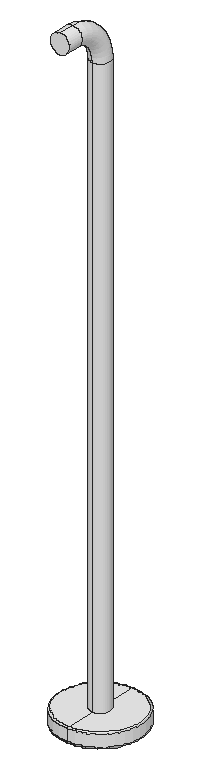
Revit family "Shower_Arm-DXV-Oak_Hill-D35700316_Series", category Plumbing Fixtures, host Face, Revit 2019
Family settings
  Host = Face
  Round Connector Dimension = Use Diameter
  Part Type = Normal
  OmniClass Number = 23.45.05.14.17
  OmniClass Title = Showers
  Cut with Voids When Loaded = No
  Shared = Yes
  Room Calculation Point = No
Parameters (values of type "D35700316.100")
  Width = 2 1/8"
  Waste Connection = no
  WFU = 4
  Vent Connection = no
  URL = "https://www.dxv.com/"
  Type Comments = ""
  Tempered Water Connection Radius = 1/4"
  Tempered Water Connection Diameter = Tempered Water Connection Radius * 2  # 1/2"
  Tempered Water Connection = yes
  Product Page URL = ""
  Product Documentation Link = ""
  Price = "Prices may vary. Please consult Manufacturer Representative for most up-to-date price list."  # constant formula
  Model = "D35700316.100"
  Material = "Brass-DXV-100-Polished Chrome"
  Manufacturer = "DXV"
  Length = 16 5/8"
  Installation Type = "Wall Mount"
  Height = 2 1/8"
  HWFU = 3
  HW Connection = no
  Finish = Brass-DXV-100-Polished Chrome
  Description = "16\" Right Angle Shower Arm"
  Default Elevation = 68"
  Creation Date = "1/20/2021"
  Center to Spout End = 1 5/16"
  CWFU = 3
  CW Connection = no
  Assembly Code = "D2010710"
Types (5): name | Model | Material | Finish
  (no name) | "D35700316.100" | "Brass-DXV-100-Polished Chrome" | Brass-DXV-100-Polished Chrome
  D35700316.100 | "D35700316.100" | "Brass-DXV-100-Polished Chrome" | Brass-DXV-100-Polished Chrome
  D35700316.144 | "D35700316.144" | "Brass-DXV-144-Brushed Nickel" | Brass-DXV-144-Brushed Nickel
  D35700316.150 | "D35700316.150" | "Brass-DXV-150-Platinum Nickel" | Brass-DXV-150-Platinum Nickel
  D35700316.427 | "D35700316.427" | "Brass-DXV-427-Satin Brass" | Brass-DXV-427-Satin Brass
Reference planes (in)
  plane 1 "Center (Front/Back)": y = 0
  plane 2: z = 0
  plane 3 "Center (Left/Right)": x = 0
  plane 4: y = 1.0625
  plane 5: y = -1.0625
  plane 6: z = -0.1875
  plane 7: y = -1.3125
  plane 8: z = 16.4375
Forms (in)
  Revolve 1, solid, material "Brass-DXV-100-Polished Chrome" <- "Finish"
    sketch origin (0, 0, 0) x (0, 1, 0) y (0, 0, 1)
      loop
        line (0, 0) -> (1.03125, 0)
        arc (1.03125, 0) -> (1.05335, 0.00915) -> (1.0625, 0.03125) r 0.03125
        line (1.0625, 0.03125) -> (1.0625, 0.34375)
        arc (1.0625, 0.34375) -> (1.05335, 0.36585) -> (1.03125, 0.375) r 0.03125
        line (1.03125, 0.375) -> (0, 0.375) -> (0, 0)
      axis (0, 0.375) -> (0, 0)
    angle from 0 to 360
  Sweep 2, solid, material "Brass-DXV-100-Polished Chrome" <- "Finish"
    path origin (0, 0, 0) x (0, 1, 0) y (0, 0, 1)
      loop
        line (0, -0.1875) -> (0, 15.52991)
        arc (0, 15.52991) -> (-0.26583, 16.17167) -> (-0.90759, 16.4375) r 0.90759
        line (-0.90759, 16.4375) -> (-1.3125, 16.4375)
    profile origin (0, 0, 7.67121) x (0, -1, 0) y (1, 0, 0)
      loop
        circle (0, 0) r 0.25
Cuts and joins
  joined: Revolve 1, Sweep 2
Lines and regions (in)
  Masking region 1
    outline origin (0, 0, 0) x (1, 0, 0) y (0, 0, 1)
      loop
        line (0.25, 0.375) -> (0.25, 16.4375)
        arc (0.25, 16.4375) -> (0, 16.6875) -> (-0.25, 16.4375) r 0.25
        line (-0.25, 16.4375) -> (-0.25, 0.375) -> (-1.0316, 0.375)
        arc (-1.0316, 0.375) -> (-1.05369, 0.36585) -> (-1.06285, 0.34375) r 0.03125
        line (-1.06285, 0.34375) -> (-1.06285, 0.03125)
        arc (-1.06285, 0.03125) -> (-1.05369, 0.00915) -> (-1.0316, 0) r 0.03125
        line (-1.0316, 0) -> (0, 0) -> (1.0316, 0)
        arc (1.0316, 0) -> (1.05369, 0.00915) -> (1.06285, 0.03125) r 0.03125
        line (1.06285, 0.03125) -> (1.06285, 0.34375)
        arc (1.06285, 0.34375) -> (1.05369, 0.36585) -> (1.0316, 0.375) r 0.03125
        line (1.0316, 0.375) -> (0.25, 0.375)
  symbolic lines, detail levels medium+fine
    curve 1: line (0.25, 0, 0.375) -> (-0.25, 0, 0.375)
Dimensions and locks (in)
  equal spacing: plane 4, plane 1 "Center (Front/Back)", plane 5
  "Height": plane 4 to plane 5
  locked: level to plane 6 at 0.1875
  Revolve 1 sketch curve to Revolve 1 sketch curve to Revolve 1 sketch curve to plane 1 "Center (Front/Back)" = 1/32" locked, 0" locked, 1 1/32" locked
  locked: Revolve 1 sketch curve to level at 0.375
  "Length": plane 8 to plane 6
  "Center to Spout End": plane 1 "Center (Front/Back)" to plane 7
  locked: plane 1 "Center (Front/Back)" to Sweep 2 sketch curve at 0.90759
  locked: plane 8 to Sweep 2 sketch curve at 0.90759
  "Tempered Water Connection Radius": radius of Sweep 2 sketch curve
  aligned and locked: plane 2 to host face
  aligned and locked: level to host face
  aligned and locked: plane 1 "Center (Front/Back)" to Revolve 1 sketch curve
  aligned and locked: Revolve 1 sketch curve to level
  aligned and locked: Revolve 1 sketch curve to plane 1 "Center (Front/Back)"
  aligned and locked: plane 8 to Sweep 2 sketch curve
  aligned and locked: plane 1 "Center (Front/Back)" to Sweep 2 sketch curve
  aligned and locked: profile plane to Sweep 2 sketch curve  (x2)
  aligned and locked: curve 1 to Masking region 1
  aligned and locked: Masking region 1 to curve 1
Automatic sketch dimensions
  host sketch curve to host sketch curve = 96"  (x2)
  Revolve 1 sketch curve to plane 6 = 0.21464"
  Revolve 1 sketch curve to Revolve 1 sketch curve = 0.27756"
  Sweep 2 sketch curve to plane 7 = 0"
  Sweep 2 sketch curve to plane 6 = 0"
  Masking region 1 sketch curve to level = 0"
  Masking region 1 sketch curve to plane 3 "Center (Left/Right)" = 0"  (x2)
  Masking region 1 sketch curve to plane 8 = 0"
  Masking region 1 sketch curve to Masking region 1 sketch curve = 0.7816"  (x2)
  Masking region 1 sketch curve to Masking region 1 sketch curve = 0"  (x2)
  Masking region 1 sketch curve to Masking region 1 sketch curve = 1/32"
  plane 3 "Center (Left/Right)" to Masking region 1 sketch curve = 1/4"
  level to Masking region 1 sketch curve = 1/32"
  Masking region 1 sketch curve to Masking region 1 sketch curve = 5/16"  (x2)
  curve 1 to plane 3 "Center (Left/Right)" = 1/4"
Connectors (in)
  piping at (0, 0, -0.1875), diameter 0.5, driven by "Tempered Water Connection Diameter"
    settings: on cut or joined group of Revolve 1, Sweep 2, index 1, connector inside diameter 24", connector length 0", flow factor 0, pipe flow 0 GPM, pressure drop 0.00 psi, fitting loss kfactor 0, connector angle 0.00°, fixture units 0, engagement length 0", angle of deflection 0.00°, flow configuration 0, flow direction 1, fitting loss method 0, system type 29, joint type 0, gender type 0, connector reference index -1, connector utility 0, adjustable connector no, is connector primary yes, connector description "1/2\" NPT Inlet Connection"
